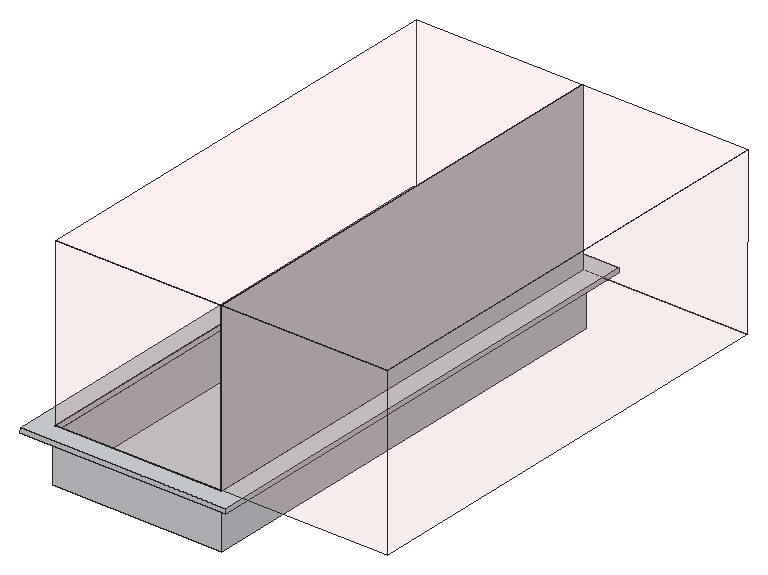
Revit family "Hager-VOLTA-Flush_mounted-IP30-With_Cover-Without_DIN-Hosted-PL-pl", category Electrical Equipment, host Face, Revit 2023
Family settings
  Host = Face
  Panel Configuration = Two Columns, Circuits Across
  Round Connector Dimension = Use Diameter
  Part Type = Panelboard
  Cut with Voids When Loaded = No
  Maintain Annotation Orientation = Yes
  Shared = No
  Room Calculation Point = No
Parameters (values of type "VOLTA-Flush_mounted_W348_H880_D98_12_Modular_Spacing-VU60NWP")
  Width Control [instance] = if([HG000006-Flush mounted-pl], if([EF000846 - Szerokość wbudowania] > min_whd, [EF000846 - Szerokość wbudowania], min_whd), if([EF000008 - Szerokość] > min_whd, ([EF000008 - Szerokość]), min_whd))  # 314.5 mm
  Void Depth [instance] = if([HG000006-Flush mounted-pl], Depth Control, 1 mm)  # 89 mm
  Uniformat code = "D501001"
  Uniformat = "Low Tension Service & Dist."
  HGEF0002950-Szerokość wyrażona liczbą modułów = 12
  HGEF000266-Liczba rzędów = 0
  HG000131 - Functional label [instance] = ""
  HG000130 - Functional name [instance] = ""
  Type Comments = ""
  System Height [instance] = Height Control - 2 * [HG000005-Thickness-pl]  # 841 mm
  Reference description = ""
  Reference = "VOLTA-Flush_mounted_W348_H880_D98_12_Modular_Spacing-VU60NWP"
  Object type = ""
  Name hager = "ADD_Enclosures_EC000214"
  Name BIM&CO = "Electricity"
  Name = "VOLTA-Flush_mounted-IP30-With_Cover-Without_DIN-PL"
  Model = ""
  HG000099-Onfly Template ID-pl-PL = "507532"
  HG000060-RAL-number = "9010"
  HG000059-Operating voltage-pl-PL [instance] = 230 V
  HG000017-Distance between poles-pl = 18 mm
  HG000016-Door 3D visibility-pl = yes
  HG000015-Clearance visibility-pl = yes
  HG000014-Door on the right-pl = yes
  HG000013-Door on the left-pl = no
  HG000012-Door swing angle-pl = 90.00°
  HG000011-Empty rows from bottom-pl = no
  HG000010-Asymmetric doors-pl = no
  HG000009-Double swing door-pl = no
  HG000008-Number of empty rows-pl = 0
  HG000007-Number of empty columns-pl = 0
  HG000006-Flush mounted-pl = yes
  HG000005-Thickness-pl = 2 mm
  HG000004-Manufacturer reference-pl = "VU60NWP"
  HG000003-Range-pl = "VOLTA"
  HG000002-with door or cover-pl = yes
  HG000001-Number of columns-pl = 0
  GTIN (Global Trade Item Number) = ""
  ETIM class name = "Small distribution board"
  ETIM class code = "EC000214"
  EF015941 - Drzwi przepuszczające sygnał = no
  EF015777 - Listwa zaciskowa przewodu neutralnego = yes
  EF015776 - Listwa zaciskowa uziemienia = yes
  EF009212 - Wykonanie/rodzaj pokrywy = "Z otworem"
  EF006306 - Z zamkiem = no
  EF006244 - Transparentna pokrywa/drzwi = no
  EF005474 - Stopień ochrony (IP) = "IP30"
  EF004464 - Rodzaj drzwi = ""
  EF004462 - Rodzaj zamknięcia = "Inne"
  EF002950 - Szerokość wyrażona liczbą modułów = 12
  EF001596 - Materiał obudowy = ""
  EF001134 - Szyna DIN = no
  EF001131 - Głębokość wewnętrzna = 0 mm
  EF001088 - Możliwość rozbudowy = yes
  EF001062 - Wykonanie zgodne z Dyrektywą Kompatybilności Elektromagnetycznej EMC = no
  EF000846 - Szerokość wbudowania = 314.5 mm
  EF000339 - Rodzaj pokrywy = ""
  EF000332 - Wysokość wbudowania = 845 mm
  EF000266 - Liczba rzędów = 0
  EF000218 - Głębokość wbudowania = 89 mm
  EF000118 - Z płytą montażową = yes
  EF000116 - Numer RAL = 9010
  EF000049 - Głębokość = 98 mm
  EF000040 - Wysokość = 880 mm
  EF000024 - Odporność na promieniowanie UV = no
  EF000008 - Szerokość = 348 mm
  EF000007 - Kolor = "Biały"
  EF000003 - Sposób montażu = "Montaż podtynkowy"
  Creation Date = "12/15/2025 21:47:10"
  Code hager = "ADD-EC000214_EU"
  BIM&CO code = ""
  BC_VARIANT_ID = "1174407"
  BC_OBJECT_VERSION = "#5"  # constant formula
  BC_OBJECT_ID = "513497"  # constant formula
  BC_MODEL_ID = "1547215"  # constant formula
  Arrow Offset [instance] = Depth Control / 8  # 11.125 mm
  Arrow Height [instance] = Depth Control - Arrow Offset  # 77.875 mm
  Host Offset [instance] = if([HG000006-Flush mounted-pl], 0 mm, [EF000049 - Głębokość])  # 0 mm
  min_whd [instance] = (2 * [HG000005-Thickness-pl]) + 1 mm  # 5 mm
  Manufacturer = "Hager"  # constant formula
  Height Control [instance] = if([HG000006-Flush mounted-pl], if([EF000332 - Wysokość wbudowania] > min_whd, [EF000332 - Wysokość wbudowania], min_whd), if([EF000040 - Wysokość] > min_whd, ([EF000040 - Wysokość]), min_whd))  # 845 mm
  Flush Mounted - Door Frame Width [instance] = if(([EF000040 - Wysokość] - [EF000332 - Wysokość wbudowania]) > 0 mm, if([HG000006-Flush mounted-pl], [EF000040 - Wysokość] - [EF000332 - Wysokość wbudowania], 0 mm), 0 mm)  # 35 mm
  Depth Control [instance] = if([HG000006-Flush mounted-pl], if([EF000218 - Głębokość wbudowania] > 0 mm, [EF000218 - Głębokość wbudowania], 1 mm), if([EF000049 - Głębokość] > 0 mm, ([EF000049 - Głębokość]), 1 mm))  # 89 mm
  Default Elevation = 0 mm
Types (3, lengths in mm): name | System Height | Reference | HG000004-Manufacturer reference-pl | EF000332 - Wysokość wbudowania | EF000040 - Wysokość | BC_VARIANT_ID | Height Control
  VOLTA-Flush_mounted_W348_H630_D98_12_Modular_Spacing-VU36NWP | 591 | "VOLTA-Flush_mounted_W348_H630_D98_12_Modular_Spacing-VU36NWP" | "VU36NWP" | 595 | 630 | "1174403" | 595
  VOLTA-Flush_mounted_W348_H755_D98_12_Modular_Spacing-VU48NWP | 716 | "VOLTA-Flush_mounted_W348_H755_D98_12_Modular_Spacing-VU48NWP" | "VU48NWP" | 720 | 755 | "1174405" | 720
  VOLTA-Flush_mounted_W348_H880_D98_12_Modular_Spacing-VU60NWP | 841 | "VOLTA-Flush_mounted_W348_H880_D98_12_Modular_Spacing-VU60NWP" | "VU60NWP" | 845 | 880 | "1174407" | 845
Reference planes
  plane 1 "Center (Front/Back)": y = 0
  plane 2: z = 0
  plane 3 "Center (Left/Right)": x = 0
  plane 4: z = 0
  plane 5: y = 37
  plane 6: z = -5
  plane 7: y = 457.5
  plane 8: y = 35
  plane 9: y = 880
  plane 10: z = -89
  plane 11: x = -157.25
  plane 12: x = 157.25
  plane 13: x = 155.25
  plane 14: x = -155.25
  plane 15: y = 878
  plane 16: z = -87
  plane 17: z = -2
  plane 18: z = -89
  plane 19: z = -2
  plane 20 "Annotation H": y = -100
  plane 21 "Annotation V": x = 457.25
Forms (mm)
  Extrusion 1, solid
    sketch origin (-583.045, 35, 1219.2) x (-1, 0, 0) y (0, 0, 1)
      loop
        line (-425.795, -1219.2) -> (-740.295, -1219.2) -> (-740.295, -1308.2) -> (-425.795, -1308.2) -> (-425.795, -1219.2)
    from 0 to 845 <- "Height Control"
  Extrusion 2, void
    sketch origin (-381.607, -4572, 0) x (0, -1, 0) y (-1, 0, 0)
      loop
        line (-5450, -226.357) -> (-5450, -536.857) -> (-4609, -536.857) -> (-4609, -226.357) -> (-5450, -226.357)
    from 0 to 87
  Extrusion 3, void
    sketch origin (0, 0, 0) x (1, 0, 0) y (0, 1, 0)
      loop
        line (-157.25, 35) -> (157.25, 35) -> (157.25, 880) -> (-157.25, 880) -> (-157.25, 35)
    from -89 to 1
  Extrusion 4, solid, detail levels coarse+medium
    sketch origin (-381.607, -4572, 0) x (-1, 0, 0) y (0, -1, 0)
      loop
        line (-226.357, -5450) -> (-226.357, -4609) -> (-536.857, -4609) -> (-536.857, -5450) -> (-226.357, -5450)
    from 0 to -2
Cuts and joins
  Extrusion 2 cuts Extrusion 1
Dimensions and locks
  plane 4 to plane 6 = 5 mm
  "Host Offset": plane 4 to host face
  "Flush Mounted - Door Frame Width": plane 1 "Center (Front/Back)" to plane 8
  "HG000005-Thickness-pl": plane 5 to plane 8
  locked: connector elem to plane 3 "Center (Left/Right)"
  "Height Control": plane 9 to plane 8
  equal spacing: plane 9, plane 7, plane 8
  locked: connector elem to plane 7
  "Depth Control": plane 4 to plane 10
  "HG000005-Thickness-pl": plane 11 to plane 14
  "HG000005-Thickness-pl": plane 12 to plane 13
  equal spacing: plane 11, plane 3 "Center (Left/Right)", plane 12
  "Width Control": plane 11 to plane 12
  "Arrow Offset": nested 4 to plane 10
  "HG000005-Thickness-pl": plane 9 to plane 15
  "HG000005-Thickness-pl": plane 16 to plane 10
  "HG000005-Thickness-pl": plane 4 to plane 17
  "Void Depth": plane 2 to plane 18
  "HG000005-Thickness-pl": plane 4 to plane 19
  locked: plane 20 "Annotation H" to plane 1 "Center (Front/Back)" at 100
  locked: plane 12 to plane 21 "Annotation V" at 300
  aligned and locked: plane 2 to host face
  aligned and locked: level to host face
  aligned and locked: plane 3 "Center (Left/Right)" to nested 2
  aligned and locked: plane 4 to nested 2
  aligned and locked: nested 2 to plane 8
  aligned and locked: nested 1 to plane 6
  aligned and locked: plane 5 to nested 1
  aligned and locked: nested 4 to plane 11
  aligned and locked: nested 3 to plane 4
  aligned and locked: Extrusion 1 sketch curve to plane 12
  aligned and locked: Extrusion 1 sketch curve to plane 11
  aligned and locked: nested 3 to plane 10
  aligned and locked: plane 10 to Extrusion 1 sketch curve
  aligned and locked: plane 5 to Extrusion 2 sketch curve
  aligned and locked: Extrusion 2 sketch curve to plane 15
  aligned and locked: Extrusion 2 sketch curve to plane 14
  aligned and locked: Extrusion 2 sketch curve to plane 13
  aligned and locked: plane 11 to Extrusion 3 sketch curve
  aligned and locked: plane 9 to Extrusion 3 sketch curve
  aligned and locked: Extrusion 3 sketch curve to plane 8
  aligned and locked: plane 12 to Extrusion 3 sketch curve
  aligned and locked: nested 3 to plane 12
  aligned and locked: Extrusion 3 to plane 18
  aligned and locked: Extrusion 2 to plane 16
  aligned and locked: Extrusion 1 sketch curve to plane 4
  aligned and locked: Extrusion 4 to plane 17
  aligned and locked: Extrusion 4 sketch curve to plane 15
  aligned and locked: Extrusion 4 sketch curve to plane 13
  aligned and locked: Extrusion 4 sketch curve to plane 14
  aligned and locked: plane 5 to Extrusion 4 sketch curve
  aligned and locked: nested 5 to plane 21 "Annotation V"
  aligned and locked: plane 20 "Annotation H" to nested 5
Automatic sketch dimensions
  host sketch curve to host sketch curve = 1469.727 mm
  host sketch curve to host sketch curve = 1434.803 mm
Nested families
  nested 1: "Hager_Enclosure_System" at (0, 37, -5) x (1, 0, 0) z (0, 1, 0), Height <- "System Height", Width_Control <- "Width Control", Built-in_Width <- "EF000846 - Szerokość wbudowania", Width <- "EF000008 - Szerokość", Depth <- "HG000005-Thickness-pl", Border <- "HG000005-Thickness-pl", Distance_Between_Poles <- "HG000017-Distance between poles-pl", Flush_Mounted <- "HG000006-Flush mounted-pl", Empty_Columns <- "HG000007-Number of empty columns-pl", Total_No_Empty_Rows <- "HG000008-Number of empty rows-pl", Empty_Rows_From_Bottom <- "HG000011-Empty rows from bottom-pl", Columns_Count <- "HG000001-Number of columns-pl", Rows_Count <- "HGEF000266-Liczba rzędów", Row_Module_Multiplicator <- "HGEF0002950-Szerokość wyrażona liczbą modułów", type "Hager_Enclosure_System", detail levels fine
    with Width_Control 314.5 mm, Width 348 mm, Total_No_Rows 0, Total_No_Empty_Rows 0, Total_No_Columns 1, System_Width 310.5 mm, Rows_Count 0, Rows_Column 0, Row_Module_Multiplicator 12, Panel_4 no, Panel_3 no, Panel_2 no, Panel_1 no, No_Panels_Ctrl 1, Hide_Columns yes, Height 841 mm, Flush_Mounted yes, Empty_Rows_From_Bottom no, Empty_Rows_Column 0, Empty_Columns 0, Empty column 4 0, Empty column 3 0, Empty column 2 0, Empty column 1 0, Distance_Between_Poles 18 mm, Depth 2 mm, Columns_Count 0, Column_Width 310.5 mm, Built-in_Width 314.5 mm, Border 2 mm
  nested 2: "Hager_Enclosure_Door" at (0, 35, 0) x (1, 0, 0) z (0, 1, 0), Height_Ctrl <- "Height Control", Width_Ctrl <- "Width Control", BuiltIn_Depth <- "EF000218 - Głębokość wbudowania", Depth <- "EF000049 - Głębokość", BuiltIn_Width <- "EF000846 - Szerokość wbudowania", Height <- "EF000040 - Wysokość", BuiltIn_Height <- "EF000332 - Wysokość wbudowania", Width <- "EF000008 - Szerokość", Transparent <- "EF006244 - Transparentna pokrywa/drzwi", Border <- "HG000005-Thickness-pl", Door <- "HG000002-with door or cover-pl", Flush_Mounted <- "HG000006-Flush mounted-pl", Double <- "HG000009-Double swing door-pl", Assymetrical <- "HG000010-Asymmetric doors-pl", Angle <- "HG000012-Door swing angle-pl", Door_Left <- "HG000013-Door on the left-pl", Door_Right <- "HG000014-Door on the right-pl", Clearance <- "HG000015-Clearance visibility-pl", 3d_Door <- "HG000016-Door 3D visibility-pl", type "Hager_Enclosure_Door", detail levels medium+fine
    with min_wh 5 mm, Width_Ctrl 314.5 mm, Width 348 mm, Transparent_Door_No_Bottom_Border no, Transparent no, Leaf_Width 307.5 mm, Leaf_Tolerance 1.5 mm, Leaf_Height 838 mm, Leaf_2_Width 307.5 mm, Leaf_2_Offset 153.75 mm, Leaf_1_Width 307.5 mm, Leaf_1_Offset 153.75 mm, Height_Ctrl 845 mm, Height 880 mm, Frame_Width_Ctrl 33.5 mm, Frame_Width 33.5 mm, Frame_Internal_Offset 2 mm, Frame_Height_Ctrl 35 mm, Frame_Height 35 mm, Frame_Depth_Ctrl 9 mm, Frame_Depth 9 mm, Flush_Mounted yes, Double_Clearance_Ctrl no, Double no, Door_Right_Ctrl yes, Door_Right yes, Door_Left_Ctrl no, Door_Left no, Door yes, Depth 98 mm, Clearance_Depth 307.5 mm, Clearance_Ctrl yes, Clearance yes, BuiltIn_Width 314.5 mm, BuiltIn_Height 845 mm, BuiltIn_Depth 89 mm, Border 2 mm, Assymetrical no, Angle 90.00°, 3d_Door yes
  nested 3: "Hager_Enclosure_Symbol_Triangle" at (-157.25, 0, -89) x (1, 0, 0) z (0, -1, 0), Depth <- "Depth Control", Width <- "Width Control", type "Hager_Enclosure_Symbol_Triangle"
    with Width_Ctrl 314.5 mm, Width 314.5 mm, Depth_Ctrl 89 mm, Depth 89 mm
  nested 4: "Hager_Enclosure_Symbol_Arrow" at (-157.25, 0, -77.875) x (1, 0, 0) z (0, -1, 0), Height <- "Arrow Height", type "Hager_Enclosure_Symbol_Arrow"
    with Width_Inside 5.841 mm, Width 70.087 mm, Height_Ctrl 77.875 mm, Height 77.875 mm
  nested 5: "Hager_Annotation-HG000130" at (457.25, -100, 0) x (-1, 0, 0) z (0, 0, 1), HG000130 - Functional name <- "HG000130 - Functional name", type "Hager_Annotation-HG000130"
    with HG000130 - Functional name ""
Connectors
  electrical at (0, 457.5, -89)
    settings: on plane 10, index 1, voltage 0 V, apparent load 0 VA, apparent load phase1 0 VA, apparent load phase2 0 VA, apparent load phase3 0 VA, power factor 1, load classification "Other", number of poles 1, system type 30, power factor state 1, is connector primary yes, connector utility no, sub classification motor no, connector description ""
Definition of nested family "Hager_Enclosure_Door"
  Parameters (values of type "Hager_Enclosure_Door")
    min_wh [instance] = (2 * Border) + 1 mm  # 11 mm
    Width_Ctrl [instance] = 400 mm
    Width [instance] = 500 mm
    Transparent_Door_No_Bottom_Border [instance] = no
    Transparent [instance] = yes
    Leaf_Width [instance] = if((Width_Ctrl - 2 * Border - 2 * Leaf_Tolerance) > 0 mm, (Width_Ctrl - 2 * Border - 2 * Leaf_Tolerance), min_wh)  # 387 mm
    Leaf_Tolerance [instance] = 1.5 mm  # constant formula
    Leaf_Height [instance] = if((Height_Ctrl - 2 * Border - 2 * Leaf_Tolerance) > 0 mm, (Height_Ctrl - 2 * Border - 2 * Leaf_Tolerance), min_wh)  # 387 mm
    Leaf_2_Width [instance] = if(and(and(Double, Assymetrical), Door_Left), (Leaf_Width / 3) - (Leaf_Tolerance / 2), if(and(and(Double, Assymetrical), Door_Right), (Leaf_Width / 3) * 2 - (Leaf_Tolerance / 2), if(and(Double, not(Assymetrical)), (Leaf_Width / 2) - Leaf_Tolerance, Leaf_Width)))  # 387 mm
    Leaf_2_Offset [instance] = if(and(Double, Assymetrical), Leaf_2_Width / 2, if(and(Double, not(Assymetrical)), Leaf_Width / 4, Leaf_Width / 2))  # 193.5 mm
    Leaf_1_Width [instance] = if(and(and(Double, Assymetrical), Door_Right), (Leaf_Width / 3) - (Leaf_Tolerance / 2), if(and(and(Double, Assymetrical), Door_Left), (Width / 3) * 2 - (Leaf_Tolerance / 2), if(and(Double, not(Assymetrical)), (Leaf_Width / 2) - Leaf_Tolerance, Leaf_Width)))  # 387 mm
    Leaf_1_Offset [instance] = if(and(Double, Assymetrical), Leaf_1_Width / 2, if(and(Double, not(Assymetrical)), Leaf_Width / 4, Leaf_Width / 2))  # 193.5 mm
    Height_Ctrl [instance] = 400 mm
    Height [instance] = 500 mm
    Frame_Width_Ctrl [instance] = if(Frame_Width > 0 mm, Frame_Width, 1 mm)  # 1 mm
    Frame_Width [instance] = Width - BuiltIn_Width  # 0 mm
    Frame_Internal_Offset [instance] = if(Flush_Mounted, Border, 0 mm)  # 5 mm
    Frame_Height_Ctrl [instance] = if(Frame_Height > 0 mm, Frame_Height, 1 mm)  # 1 mm
    Frame_Height [instance] = Height - BuiltIn_Height  # 0 mm
    Frame_Depth_Ctrl [instance] = if(Frame_Depth > 0 mm, Frame_Depth, 1 mm)  # 1 mm
    Frame_Depth [instance] = if(Depth - BuiltIn_Depth > 0 mm, if(Flush_Mounted, Depth - BuiltIn_Depth, 0 mm), 0 mm)  # 0 mm
    Flush_Mounted [instance] = yes
    Double_Clearance_Ctrl [instance] = and(Double, Clearance)  # no
    Double [instance] = no
    Door_Right_Ctrl [instance] = and(or(Door_Right, Double), Door)  # yes
    Door_Right [instance] = yes
    Door_Left_Ctrl [instance] = and(or(Door_Left, Double), Door)  # no
    Door_Left [instance] = no
    Door [instance] = yes
    Depth [instance] = 500 mm
    Default Elevation = 1219.2 mm
    Clearance_Material = none
    Clearance_Depth [instance] = if(Leaf_1_Width > Leaf_2_Width, Leaf_1_Width, Leaf_2_Width)  # 387 mm
    Clearance_Ctrl [instance] = and(not(Double), Clearance)  # yes
    Clearance [instance] = yes
    BuiltIn_Width [instance] = 500 mm
    BuiltIn_Height [instance] = 500 mm
    BuiltIn_Depth [instance] = 500 mm
    Border [instance] = 5 mm
    Assymetrical [instance] = yes
    Angle [instance] = 30.00°
    3d_Door [instance] = yes
  Reference planes
    plane 1 "Center (Front/Back)": y = 0
    plane 2 "Bottom": z = 0
    plane 3 "Center (Left/Right)": x = 0
    plane 4: z = 400
    plane 5: x = -200
    plane 6: x = 200
    plane 7: z = 395
    plane 8: x = -195
    plane 9: z = 5
    plane 10: x = 195
    plane 11: y = 0
    plane 12: z = 6.5
    plane 13: x = -582
    plane 14: y = -387
    plane 15: x = 582
    plane 16: x = 0
    plane 17: x = 0
    plane 18: x = -193.5
    plane 19: x = 193.5
    plane 20: z = 393.5
  Forms (mm)
    Extrusion 1, solid, visible <- "Flush_Mounted"
      sketch origin (0, 0, 0) x (1, 0, 0) y (0, 0, 1)
        loop
          line (195, 5) -> (195, 395) -> (-195, 395) -> (-195, 5) -> (195, 5)
        loop
          line (-201, 401) -> (-201, -1) -> (201, -1) -> (201, 401) -> (-201, 401)
      from 0 to 1 <- "Frame_Depth_Ctrl"
    Extrusion 2, solid, material <- "Clearance_Material", visible <- "Double_Clearance_Ctrl"
      sketch origin (1200, 0, 0) x (1, 0, 0) y (0, 0, -1)
        loop
          line (-1782, -393.5) -> (-618, -393.5) -> (-618, 0) -> (-1782, 0) -> (-1782, -393.5)
      from 0 to -387
  Dimensions and locks
    equal spacing: plane 5, plane 3 "Center (Left/Right)", plane 6
    "Width_Ctrl": plane 5 to plane 6
    "Border": plane 5 to plane 8
    "Border": plane 6 to plane 10
    "Border": plane 9 to level
    "Border": plane 4 to plane 7
    "Height_Ctrl": plane 4 to level
    "Leaf_Tolerance": plane 12 to plane 9
    "Frame_Depth": plane 11 to plane 1 "Center (Front/Back)"
    "Frame_Width_Ctrl": plane 5 to Extrusion 1 sketch curve
    "Frame_Width_Ctrl": plane 6 to Extrusion 1 sketch curve
    "Frame_Width_Ctrl": Extrusion 1 sketch curve to plane 4
    "Frame_Width_Ctrl": plane 2 "Bottom" to Extrusion 1 sketch curve
    "Leaf_1_Offset": plane 18 to plane 16
    "Leaf_2_Offset": plane 17 to plane 19
    "Leaf_1_Width": plane 13 to plane 8
    "Leaf_2_Width": plane 10 to plane 15
    "Clearance_Depth": plane 14 to plane 1 "Center (Front/Back)"
    "Leaf_Tolerance": plane 8 to plane 18
    "Leaf_Tolerance": plane 19 to plane 10
    "Leaf_Tolerance": plane 7 to plane 20
    "Frame_Internal_Offset": plane 5 to Extrusion 1 sketch curve
    "Frame_Internal_Offset": Extrusion 1 sketch curve to plane 2 "Bottom"
    "Frame_Internal_Offset": plane 6 to Extrusion 1 sketch curve
    "Frame_Internal_Offset": plane 4 to Extrusion 1 sketch curve
    aligned and locked: level to plane 2 "Bottom"
    aligned and locked: nested 1 to plane 16
    aligned and locked: nested 2 to plane 17
    aligned and locked: Extrusion 2 to plane 13
    aligned and locked: plane 15 to Extrusion 2
    aligned and locked: Extrusion 2 to plane 14
    aligned and locked: plane 12 to nested 1
    aligned and locked: nested 2 to plane 12
    aligned and locked: Extrusion 2 to plane 11
    aligned and locked: plane 20 to Extrusion 2
    aligned and locked: nested 2 to plane 11
    aligned and locked: nested 1 to plane 11
  Automatic sketch dimensions
    Extrusion 2 sketch curve to level = 0 mm
    plane 5 to Extrusion 2 sketch curve = 382 mm
    plane 6 to Extrusion 2 sketch curve = 382 mm
    Extrusion 2 sketch curve to plane 4 = 6.5 mm
  Nested families
    nested 1: "Hager_Enclosure_Door_Leaf" at (0, 0, 6.5), Width <- "Leaf_1_Width", visible <- "Door_Left_Ctrl", Leaf_Height <- "Leaf_Height", Angle <- "Angle", Depth <- "Border", 3d_Door <- "3d_Door", Transparent <- "Transparent", Clearance Material <- "Clearance_Material", Clearance <- "Clearance_Ctrl", Transparent_Door_No_Bottom_Border <- "Transparent_Door_No_Bottom_Border", type "Hager_Enclosure_Door_Leaf"
      with Width 387 mm, Transparent_Door_No_Bottom_Border no, Transparent_Door_Border_Bottom_Top 25 mm, Transparent_Door_Border 25 mm, Transparent_Ctrl yes, Transparent yes, Standard no, Leaf_Height 387 mm, Glass_Offset 1 mm, Depth 5 mm, Clearance Material none, Clearance yes, Angle_Ctrl 30.00°, Angle 30.00°, 3d_Door yes
    nested 2: "Hager_Enclosure_Door_Leaf" at (0, 0, 6.5) x (-1, 0, 0) z (0, 0, 1), Width <- "Leaf_2_Width", visible <- "Door_Right_Ctrl", Leaf_Height <- "Leaf_Height", Angle <- "Angle", Depth <- "Border", 3d_Door <- "3d_Door", Transparent <- "Transparent", Clearance Material <- "Clearance_Material", Clearance <- "Clearance_Ctrl", Transparent_Door_No_Bottom_Border <- "Transparent_Door_No_Bottom_Border", type "Hager_Enclosure_Door_Leaf"
      with Width 387 mm, Transparent_Door_No_Bottom_Border no, Transparent_Door_Border_Bottom_Top 25 mm, Transparent_Door_Border 25 mm, Transparent_Ctrl yes, Transparent yes, Standard no, Leaf_Height 387 mm, Glass_Offset 1 mm, Depth 5 mm, Clearance Material none, Clearance yes, Angle_Ctrl 30.00°, Angle 30.00°, 3d_Door yes
  Definition of nested family "Hager_Enclosure_Door_Leaf"
    Parameters (values of type "Hager_Enclosure_Door_Leaf")
      Width [instance] = 2000 mm
      Transparent_Door_No_Bottom_Border [instance] = yes
      Transparent_Door_Border_Bottom_Top [instance] = if(Transparent_Door_No_Bottom_Border, 0.1 mm, Transparent_Door_Border)  # 0.1 mm
      Transparent_Door_Border [instance] = if(Transparent_Door_No_Bottom_Border, (Width * 0.12), 25 mm)  # 240 mm
      Transparent_Ctrl [instance] = and(Transparent, [3d_Door])  # yes
      Transparent [instance] = yes
      Standard [instance] = and(not(Transparent), [3d_Door])  # no
      Leaf_Height [instance] = 2720.336 mm
      Glass_Offset [instance] = if((Depth - 10 mm) / 2 > 0 mm, (Depth - 10 mm) / 2, 1 mm)  # 15 mm
      Glass_Material = none
      Depth [instance] = 40 mm
      Default Elevation = 0 mm
      Clearance Material [instance] = none
      Clearance [instance] = yes
      Angle_Ctrl [instance] = if(Angle > 170.00°, 170.00°, Angle)  # 45.00°
      Angle [instance] = 45.00°
      3d_Door [instance] = yes
    Reference planes
      plane 1 "Center (Front/Back)": y = 0
      plane 2: z = 0
      plane 3 "Center (Left/Right)": x = 0
      plane 4: y = 2000
      plane 5: x = -1000
      plane 6: x = 1000
      plane 7: x = -3000
      plane 8: z = 2720.336
      plane 9: z = 0.1
      plane 10: z = 2720.236
      plane 11: x = 760
      plane 12: x = -760
    Forms (mm)
      Extrusion 1, solid, material <- "Clearance Material", visible <- "Clearance"
        sketch origin (0, 0, 0) x (1, 0, 0) y (0, 0, 1)
          loop
            line (-3000, 2720.336) -> (-3000, 0) -> (1000, 0) -> (1000, 2720.336) -> (-3000, 2720.336)
        from 0 to -2000
      Extrusion 2, solid, visible <- "Standard", detail levels medium+fine
        sketch origin (-1000, 0, 0) x (0.707107, 0.707107, 0) y (-0.707107, 0.707107, 0)
          loop
            line (0, -40) -> (2000, -40) -> (2000, 0) -> (0, 0) -> (0, -40)
        from 0 to 2720.336 <- "Leaf_Height"
      Extrusion 3, solid, visible <- "Transparent_Ctrl", detail levels medium+fine
        sketch origin (-1000, 0, 0) x (0.707107, 0.707107, 0) y (-0.707107, 0.707107, 0)
          loop
            line (0, -40) -> (2000, -40) -> (2000, 0) -> (0, 0) -> (0, -40)
        from 0 to 2720.336 <- "Leaf_Height"
      Extrusion 4, void, detail levels medium+fine
        sketch origin (-1000, 0, 0) x (-0.707107, 0.707107, 0) y (0.707107, 0.707107, 0)
          loop
            line (0, 240) -> (0, 1760) -> (-40, 1760) -> (-40, 240) -> (0, 240)
        from -2720.236 to -0.1
      Extrusion 5, solid, material <- "Glass_Material", visible <- "Transparent_Ctrl", detail levels medium+fine
        sketch origin (-1000, 0, 0) x (0.707107, 0.707107, 0) y (-0.707107, 0.707107, 0)
          loop
            line (240, -15) -> (240, -25) -> (1760, -25) -> (1760, -15) -> (240, -15)
        from 0.1 to 2720.236
    Cuts and joins
      Extrusion 4 cuts Extrusion 3
    Lines and regions (mm)
      symbolic lines
        curve 1: line (1000, 0, 0) -> (-3000, 0, 0)
        curve 2: arc (1000, 0, 0) -> (-1000, 2000, 0) -> (-3000, 0, 0) r 2000
        curve 4: line (-1000, 0, 0) -> (414.214, 1414.214, 0)
      reference lines
        curve 3: line (-1000, 0, 0) -> (414.214, 1414.214, 0)
      symbolic lines, detail levels medium+fine
        curve 5: line (414.214, 1414.214, 0) -> (442.498, 1385.929, 0)
        curve 6: line (442.498, 1385.929, 0) -> (-971.716, -28.284, 0)
        curve 7: line (-971.716, -28.284, 0) -> (-1000, 0, 0)
        curve 8: line (-1000, 0, 2720.336) -> (1000, 0, 2720.336)
        curve 9: line (-1000, 0, 0) -> (-1000, 0, 2720.336)
        curve 10: line (1000, 0, 0) -> (-1000, 0, 0)
        curve 11: line (1000, 0, 2720.336) -> (1000, 0, 0)
      symbolic lines, visible <- "Transparent_Ctrl", detail levels medium+fine
        curve 12: line (-760, 0, 2720.236) -> (760, 0, 2720.236)
        curve 13: line (-760, 0, 0.1) -> (-760, 0, 2720.236)
        curve 14: line (760, 0, 0.1) -> (-760, 0, 0.1)
        curve 15: line (760, 0, 2720.236) -> (760, 0, 0.1)
    Dimensions and locks
      "Width": plane 1 "Center (Front/Back)" to plane 4
      equal spacing: plane 5, plane 3 "Center (Left/Right)", plane 6
      "Width": plane 5 to plane 6
      "Width": plane 7 to plane 5
      "Leaf_Height": plane 8 to level
      "Depth": curve 6 to curve 3
      "Width": curve 5 to curve 3
      "Width": curve 3 to curve 3
      "Transparent_Door_Border": Extrusion 4 sketch curve to curve 7
      "Transparent_Door_Border": Extrusion 4 sketch curve to curve 5
      "Transparent_Door_Border_Bottom_Top": plane 8 to plane 10
      "Transparent_Door_Border_Bottom_Top": plane 9 to level
      "Glass_Offset": Extrusion 5 sketch curve to curve 4
      "Glass_Offset": Extrusion 5 sketch curve to curve 6
      "Transparent_Door_Border": Extrusion 5 sketch curve to curve 5
      "Transparent_Door_Border": Extrusion 5 sketch curve to curve 7
      "Transparent_Door_Border": plane 12 to plane 5
      "Transparent_Door_Border": plane 6 to plane 11
      "Angle_Ctrl": angle plane 1 "Center (Front/Back)" to curve 3
      aligned and locked: level to plane 2
      aligned and locked: Extrusion 1 to curve 1
      aligned and locked: plane 6 to Extrusion 1
      aligned and locked: Extrusion 1 to plane 1 "Center (Front/Back)"
      aligned and locked: plane 4 to Extrusion 1
      aligned and locked: plane 8 to Extrusion 1
      aligned and locked: curve 4 to curve 3
      aligned and locked: Extrusion 2 sketch curve to curve 7
      aligned and locked: Extrusion 2 sketch curve to curve 6
      aligned and locked: Extrusion 2 sketch curve to curve 5
      aligned and locked: Extrusion 2 sketch curve to curve 3
      aligned and locked: curve 7 to Extrusion 3 sketch curve
      aligned and locked: Extrusion 3 sketch curve to curve 4
      aligned and locked: Extrusion 3 sketch curve to curve 6
      aligned and locked: Extrusion 3 sketch curve to curve 5
      aligned and locked: curve 4 to Extrusion 4 sketch curve
      aligned and locked: curve 6 to Extrusion 4 sketch curve
      aligned and locked: Extrusion 4 to plane 9
      aligned and locked: Extrusion 4 to plane 10
      aligned and locked: Extrusion 5 to plane 9
      aligned and locked: Extrusion 5 to plane 10
      aligned and locked: curve 8 to plane 8
      aligned and locked: plane 5 to curve 9
      aligned and locked: plane 2 to curve 10
      aligned and locked: curve 11 to plane 6
      aligned and locked: plane 10 to curve 12
      aligned and locked: plane 12 to curve 13
      aligned and locked: curve 14 to plane 9
      aligned and locked: plane 11 to curve 15
    Automatic sketch dimensions
      plane 1 "Center (Front/Back)" to curve 2 = 0 mm
      curve 2 to plane 5 = 0 mm
      Extrusion 1 sketch curve to level = 0 mm
      Extrusion 1 sketch curve to plane 7 = 0 mm
      Extrusion 1 sketch curve to plane 6 = 0 mm
      Extrusion 1 sketch curve to plane 8 = 0 mm
      plane 1 "Center (Front/Back)" to curve 3 = 0 mm
      curve 3 to plane 5 = 0 mm
      curve 7 to curve 3 = 0 mm
Definition of nested family "Hager_Enclosure_Symbol_Triangle"
  Parameters (values of type "Hager_Enclosure_Symbol_Triangle")
    Width_Ctrl [instance] = if(Width > 1 mm, Width, 1 mm)  # 498 mm
    Width [instance] = 498 mm
    Depth_Ctrl [instance] = if(Depth > 1 mm, Depth, 1 mm)  # 72 mm
    Depth [instance] = 72 mm
  Reference planes
    plane 1 "Centre (avant/arrière)": y = 0
    plane 2: z = 0
    plane 3 "Centre (gauche/droite)": x = 0
  Lines and regions (mm)
    Filled region 1, type "Solid_Black", in view "Niveau de réf."
      outline origin (0, 0, 0) x (1, 0, 0) y (0, 1, 0)
        loop
          line (0, 0) -> (498, 0) -> (498, 72) -> (0, 0)
    reference lines, in view "Niveau de réf."
      curve 1: line (-206.153, 72, 0) -> (1083.258, 72, 0)
      curve 2: line (498, 405.456, 0) -> (498, -517.619, 0)
  Dimensions and locks
    "Depth_Ctrl": plane 1 "Centre (avant/arrière)" to curve 1
    "Width_Ctrl": plane 3 "Centre (gauche/droite)" to curve 2
    aligned and locked: curve 1 to Filled region 1 sketch curve
    aligned and locked: Filled region 1 sketch curve to plane 1 "Centre (avant/arrière)"
    aligned and locked: curve 2 to Filled region 1 sketch curve
    aligned and locked: plane 3 "Centre (gauche/droite)" to Filled region 1 sketch curve
    aligned and locked: plane 1 "Centre (avant/arrière)" to Filled region 1 sketch curve
  Automatic sketch dimensions
    curve 1 to plane 3 "Centre (gauche/droite)" = 206.153 mm
    curve 2 to curve 1 = 585.258 mm
    plane 1 "Centre (avant/arrière)" to curve 2 = 517.619 mm
    curve 2 to plane 1 "Centre (avant/arrière)" = 405.456 mm
Definition of nested family "Hager_Enclosure_Symbol_Arrow"
  Parameters (values of type "Hager_Enclosure_Symbol_Arrow")
    Width_Inside [instance] = if(Width / 12 > 2 mm, Width / 12, 2 mm)  # 4.987 mm
    Width [instance] = if(Height_Ctrl * 0.9 > 2 mm, Height_Ctrl * 0.9, 2 mm)  # 59.85 mm
    Height_Ctrl [instance] = if(Height > 2 mm, Height, 2 mm)  # 66.5 mm
    Height [instance] = 66.5 mm
  Reference planes
    plane 1 "Centre (avant/arrière)": y = 0
    plane 2: z = 0
    plane 3 "Centre (gauche/droite)": x = 0
    plane 4: x = 59.85
    plane 5: y = 28.263
    plane 6: y = 38.238
    plane 7: y = 66.5
    plane 8: x = 29.925
    plane 9: y = 33.25
  Lines and regions (mm)
    Filled region 1, type "Solid_Black", in view "Niveau de réf."
      outline origin (0, 0, 0) x (1, 0, 0) y (0, 1, 0)
        loop
          line (59.85, 66.5) -> (37.929, 52.827) -> (51.846, 41.935) -> (59.85, 66.5)
    detail lines, in view "Niveau de réf."
      curve 1: line (0, 0, 0) -> (29.925, 38.238, 0)
      curve 2: line (29.925, 38.238, 0) -> (29.925, 28.263, 0)
      curve 3: line (29.925, 28.263, 0) -> (59.85, 66.5, 0)
  Dimensions and locks
    "Width": plane 3 "Centre (gauche/droite)" to plane 4
    "Height_Ctrl": plane 7 to plane 1 "Centre (avant/arrière)"
    equal spacing: plane 3 "Centre (gauche/droite)", plane 8, plane 4
    equal spacing: plane 7, plane 9, plane 1 "Centre (avant/arrière)"
    equal spacing: plane 6, plane 9, plane 5
    "Width_Inside": plane 6 to plane 9
    equal spacing: curve 3, Filled region 1 sketch curve, Filled region 1 sketch curve
    angle Filled region 1 sketch curve to curve 3 = 20.00°
    angle curve 3 to Filled region 1 sketch curve = 20.00°
    locked: curve 3 to Filled region 1 sketch curve (angle 90.00°)
  Automatic sketch dimensions
    plane 1 "Centre (avant/arrière)" to curve 1 = 0 mm
    curve 1 to plane 3 "Centre (gauche/droite)" = 0 mm
    curve 2 to plane 6 = 0 mm
    curve 3 to plane 8 = 0 mm
    curve 3 to plane 4 = 0 mm
    curve 2 to plane 5 = 0 mm
    curve 3 to plane 7 = 0 mm
    Filled region 1 sketch curve to plane 4 = 0 mm
    Filled region 1 sketch curve to plane 7 = 0 mm
Definition of nested family "Hager_Annotation-HG000130"
  Parameters (values of type "Hager_Annotation-HG000130")
    HG000130 - Functional name [instance] = ""
  Reference planes
    plane 1: y = 0
    plane 2: x = 0
  Lines and regions (mm)
    detail lines
      curve 1: line (-27.5, 10, 0) -> (27.5, 10, 0)
      curve 2: line (-27.5, -10, 0) -> (-27.5, 10, 0)
      curve 3: line (27.5, -10, 0) -> (-27.5, -10, 0)
      curve 4: line (27.5, 10, 0) -> (27.5, -10, 0)
  Text (mm)
    label "HG000130 - Functional name" at (0.16, 0.026, 0), shows "HG000130 - Functional name"
